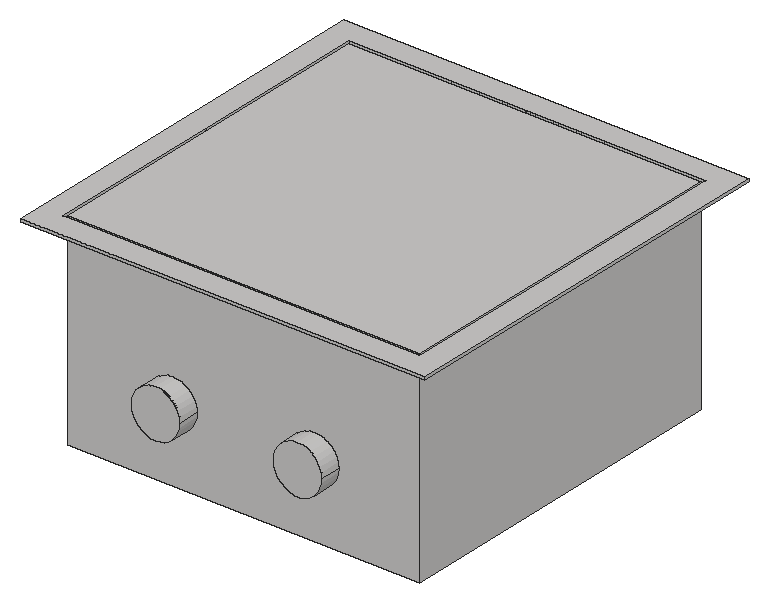
Revit family "Zurn_Z1464_Control-Box", category Plumbing Fixtures, host Face, Revit 2022
Family settings
  Host = Face
  Round Connector Dimension = Use Radius
  Part Type = Normal
  OmniClass Number = 23.65.70.00
  OmniClass Title = Terminals for Supplied Liquids and Gases
  Cut with Voids When Loaded = No
  Maintain Annotation Orientation = No
  Shared = No
  Room Calculation Point = No
Parameters (values of type "Z1464")
  WFU = 0  # constant formula
  Waste Connection = 1 = 0  # no
  Vent Connection = 1 = 0  # no
  URL = "www.zurn.com"
  Product data url = "https://www.bimobject.com/en-in/zurnindustries/product/zurn-z1464"
  Product Page URL = "https://www.zurn.com/products/drainage-interceptors/cleanouts/access-covers/z1464"
  Product Documentation Link = "https://files.zurn.com/spec-sheets/z1464.pdf"
  Modified Date = "01/30/2026"  # constant formula
  Model = "Z1464"
  Manufacturer Brand = "Zurn"  # constant formula
  Manufacturer = "Zurn Industries, LLC"  # constant formula
  Main Material = Steel - Zurn - Stainless - Type - 304
  HWFU = 1  # constant formula
  HW Connection = 1 = 1  # yes
  Female Connections Size = 1.000"
  Female Connections Length from back = 1.750"
  Description = "WATER SUPPLY CONTROL BOX ASSEMBY"  # constant formula
  Default Elevation = 20.000"  # constant formula
  Date Created = "01/30/2026"  # constant formula
  Control Box Opening Size (AxA) = 8.500"
  Control Box Depth = 4.875"
  Control Box Length = 9.625"
  Control Box Height = 8.375"
  Connector Radius = Female Connections Size / 2  # 0.500"
  CWFU = 1  # constant formula
  CW Connection = 1 = 1  # yes
  Assembly Code = "D2030400"
  Approx. Weigth (Lbs) = 17.00 lbf
Reference planes (in)
  plane 1 "Center (Front/Back)": y = 0
  plane 2: z = 0
  plane 3 "Center (Left/Right)": x = 0
  plane 4: y = 4.8125
  plane 5 "01": y = -4.8125
  plane 6: x = -4.8125
  plane 7: x = 4.8125
  plane 8: x = -4.1875
  plane 9: x = 4.1875
  plane 10: z = -4.875
  plane 11: z = -3.125
  plane 12: y = 4.1875
  plane 13: y = -4.1875
  plane 14 "02": y = -4.6875
  plane 15: y = 4.25
  plane 16: y = -4.25
  plane 17: x = -4.25
  plane 18: x = 4.25
  plane 19 "Plane for OL-2": x = -1.6875
  plane 20 "Plane for OL-1": x = 1.6875
  plane 21: z = -0.0625
  plane 22: x = -4.36307
  plane 23: x = 4.36328
Forms (in)
  Extrusion 1, void
    sketch origin (0, 0, 0) x (1, 0, 0) y (0, 1, 0)
      loop
        line (-4.8125, 4.8125) -> (-4.8125, -4.8125) -> (4.8125, -4.8125) -> (4.8125, 4.8125) -> (-4.8125, 4.8125)
    from -4.875 to 0
Lines and regions (in)
  Masking region 1, detail levels fine
    outline origin (0, 0, 0) x (1, 0, 0) y (0, 0, 1)
      loop
        line (4.8125, 0) -> (-4.8125, 0) -> (-4.8125, -0.0625) -> (-4.36307, -0.0625) -> (-4.36307, -0.3221) -> (-4.1875, -0.3221) -> (-4.1875, -4.875) -> (4.1875, -4.875) -> (4.1875, -0.3221) -> (4.36328, -0.3221) -> (4.36328, -0.0625) -> (4.8125, -0.0625) -> (4.8125, 0)
  model lines, detail levels coarse+medium
    curve 1: line (4.8125, 4.8125, 0) -> (-4.8125, 4.8125, 0)
    curve 2: line (4.8125, -4.8125, 0) -> (4.8125, 4.8125, 0)
    curve 3: line (4.8125, -4.8125, 0) -> (-4.8125, -4.8125, 0)
    curve 4: line (-4.8125, -4.8125, 0) -> (-4.8125, 4.8125, 0)
    curve 5: line (-4.25, 4.25, 0) -> (4.25, 4.25, 0)
    curve 6: line (-4.25, -4.25, 0) -> (-4.25, 4.25, 0)
    curve 7: line (4.25, -4.25, 0) -> (-4.25, -4.25, 0)
    curve 8: line (4.25, 4.25, 0) -> (4.25, -4.25, 0)
    curve 9: line (1.6875, 0, -3.125) -> (1.6875, -4.6875, -3.125)
    curve 10: line (-1.6875, -4.6875, -3.125) -> (-1.6875, 0, -3.125)
    curve 11: line (-2.18677, -4.6875, -3.125) -> (-1.18677, -4.6875, -3.125)
    curve 12: line (-1.6875, -4.6875, -2.625) -> (-1.6875, -4.6875, -3.625)
    curve 13: line (1.6875, -4.6875, -2.625) -> (1.6875, -4.6875, -3.625)
    curve 14: line (1.1875, -4.6875, -3.125) -> (2.18805, -4.6875, -3.125)
    curve 15: line (-4.8125, 0, 0) -> (-4.8125, 0, -0.0625)
    curve 16: line (-4.8125, 0, -0.0625) -> (-4.36307, 0, -0.0625)
    curve 17: line (-4.36307, 0, -0.0625) -> (-4.36307, 0, -0.3221)
    curve 18: line (-4.36307, 0, -0.3221) -> (-4.1875, 0, -0.3221)
    curve 19: line (-4.1875, 0, -0.3221) -> (-4.1875, 0, -4.875)
    curve 20: line (-4.1875, 0, -4.875) -> (4.1875, 0, -4.875)
    curve 21: line (4.1875, 0, -4.875) -> (4.1875, 0, -0.3221)
    curve 22: line (4.1875, 0, -0.3221) -> (4.36328, 0, -0.3221)
    curve 23: line (4.36328, 0, -0.3221) -> (4.36328, 0, -0.0625)
    curve 24: line (4.36328, 0, -0.0625) -> (4.8125, 0, -0.0625)
    curve 25: line (4.8125, 0, -0.0625) -> (4.8125, 0, 0)
    curve 26: line (-4.8125, 0, 0) -> (4.8125, 0, 0)
Dimensions and locks (in)
  equal spacing: plane 4, plane 1 "Center (Front/Back)", plane 5 "01"
  locked: plane 4 to plane 5 "01" at 9.625
  equal spacing: plane 6, plane 3 "Center (Left/Right)", plane 7
  plane 6 to plane 7 = 9.625"
  equal spacing: plane 9, plane 3 "Center (Left/Right)", plane 8
  "Control Box Height": plane 9 to plane 8
  "Female Connections Length from back": plane 11 to plane 10
  equal spacing: plane 12, plane 1 "Center (Front/Back)", plane 13
  "Control Box Height": plane 12 to plane 13
  locked: plane 13 to plane 14 "02" at 0.5
  level to plane 10 = 4.875"
  "Control Box Opening Size (AxA)": plane 15 to plane 16
  equal spacing: plane 15, plane 1 "Center (Front/Back)", plane 16
  equal spacing: plane 17, plane 3 "Center (Left/Right)", plane 18
  "Control Box Opening Size (AxA)": plane 17 to plane 18
  locked: plane 3 "Center (Left/Right)" to plane 19 "Plane for OL-2" at 1.6875
  locked: plane 20 "Plane for OL-1" to plane 3 "Center (Left/Right)" at 1.6875
  plane 21 to curve 18 = 0.2596"
  aligned and locked: plane 2 to host face
  aligned and locked: level to host face
  aligned and locked: level to nested 1
  aligned and locked: Extrusion 1 to plane 10
  aligned and locked: plane 3 "Center (Left/Right)" to nested 1
  aligned and locked: curve 1 to nested 1
  aligned and locked: curve 2 to nested 1
  aligned and locked: curve 3 to nested 1
  aligned and locked: curve 4 to nested 1
  aligned and locked: curve 5 to plane 15
  aligned and locked: plane 17 to curve 6
  aligned and locked: plane 16 to curve 7
  aligned and locked: curve 8 to plane 18
  aligned and locked: plane 14 "02" to curve 9
  aligned and locked: curve 9 to plane 11
  aligned and locked: plane 14 "02" to curve 10
  aligned and locked: nested 1 to curve 10
  aligned and locked: nested 1 to curve 11
  aligned and locked: nested 1 to curve 12  (x2)
  aligned and locked: curve 12 to plane 19 "Plane for OL-2"
  aligned and locked: nested 1 to curve 13  (x2)
  aligned and locked: curve 13 to nested 1
  aligned and locked: nested 1 to curve 14
  aligned and locked: curve 14 to plane 11
  aligned and locked: level to curve 15
  aligned and locked: curve 15 to plane 6
  aligned and locked: plane 21 to nested 1
  aligned and locked: plane 21 to curve 16
  aligned and locked: plane 22 to curve 17
  aligned and locked: curve 19 to nested 1
  aligned and locked: curve 20 to plane 10
  aligned and locked: curve 21 to nested 1
  aligned and locked: nested 1 to curve 22
  aligned and locked: curve 23 to plane 23
  aligned and locked: level to curve 25
  aligned and locked: curve 25 to plane 7
  aligned and locked: plane 6 to curve 26
  aligned and locked: plane 7 to curve 26
  aligned and locked: plane 1 "Center (Front/Back)" to curve 26
  aligned and locked: plane 1 "Center (Front/Back)" to curve 9
  aligned and locked: plane 1 "Center (Front/Back)" to curve 10
  aligned and locked: Masking region 1 sketch curve to nested 1  (x3)
  aligned and locked: Masking region 1 sketch curve to plane 6
  aligned and locked: Masking region 1 sketch curve to curve 16
  aligned and locked: Masking region 1 sketch curve to plane 22
  aligned and locked: Masking region 1 sketch curve to curve 18
  aligned and locked: Masking region 1 sketch curve to curve 20
  aligned and locked: Masking region 1 sketch curve to curve 23
  aligned and locked: nested 1 to Masking region 1 sketch curve
  aligned and locked: plane 21 to Masking region 1 sketch curve  (x2)
  aligned and locked: plane 7 to Masking region 1 sketch curve
  aligned and locked: Masking region 1 to curve 19
Automatic sketch dimensions
  host sketch curve to host sketch curve = 14.21519"
  host sketch curve to host sketch curve = 21.15999"
  plane 5 "01" to Extrusion 1 sketch curve = 0.000"
  Extrusion 1 sketch curve to plane 4 = 0.000"
  Extrusion 1 sketch curve to plane 3 "Center (Left/Right)" = 4.8125"
  plane 3 "Center (Left/Right)" to Extrusion 1 sketch curve = 4.8125"
  plane 19 "Plane for OL-2" to curve 11 = 0.50073"
  curve 11 to plane 19 "Plane for OL-2" = 0.49927"
  plane 20 "Plane for OL-1" to curve 14 = 0.50055"
  curve 14 to plane 20 "Plane for OL-1" = 0.500"
  curve 24 to plane 21 = 0.000"
Nested families (in)
  nested 1: "Family4" at (0, 0, -4.875), type "Family4", detail levels fine
Connectors (in)
  piping at (-1.6875, -4.6875, -3.125), diameter 1, driven by "Connector Radius", driven by "HW Connection"
    settings: on nested 1, index 1, connector inside diameter 609.6 mm, connector length 0.000", flow factor 0, pipe flow 0.0 L/s, pressure drop 0.0 Pa, fitting loss kfactor 0, connector angle 0.00°, fixture units 0, engagement length 0.000", angle of deflection 0.00°, flow configuration 0, flow direction 2, fitting loss method 0, system type 19, joint type 0, gender type 0, connector reference index -1, connector utility 1, adjustable connector no, is connector primary yes, connector description "Outlet 2"
  piping at (1.6875, -4.6875, -3.125), diameter 1, driven by "Connector Radius", driven by "CW Connection"
    settings: on nested 1, index 2, connector inside diameter 609.6 mm, connector length 0.000", flow factor 0, pipe flow 0.0 L/s, pressure drop 0.0 Pa, fitting loss kfactor 0, connector angle 0.00°, fixture units 0, engagement length 0.000", angle of deflection 0.00°, flow configuration 0, flow direction 2, fitting loss method 0, system type 20, joint type 0, gender type 0, connector reference index -1, connector utility 1, adjustable connector no, is connector primary no, connector description "Outlet 1"
Definition of nested family "Family4"
  Parameters (values of type "Family4")
    X = 9.625"
    Default Elevation = 0.000"
    C = 8.375"
    Box = none
  Reference planes (in)
    plane 1 "Center (Front/Back)": y = 0
    plane 2: z = 0
    plane 3 "Center (Left/Right)": x = 0
    plane 4: z = 4.875
    plane 5: y = -4.1875
    plane 6: y = 4.1875
    plane 7: y = -4.8125
    plane 8: y = 4.8125
    plane 9: x = -4.8125
    plane 10: x = -4.1875
    plane 11: x = 4.1875
    plane 12: x = 4.8125
    plane 13: z = 1.75
    plane 14: x = 1.6875
    plane 15: y = -4.6875
  Forms (in)
    Extrusion 1, solid, material <- "Box", detail levels fine
      sketch origin (0, 0, 0) x (1, 0, 0) y (0, 1, 0)
        loop
          line (-4.8125, 4.8125) -> (-4.8125, -4.8125) -> (4.8125, -4.8125) -> (4.8125, 4.8125) -> (-4.8125, 4.8125)
      from 4.8125 to 4.875
    Extrusion 2, solid, material <- "Box", detail levels medium+fine
      sketch origin (0, 0, 0) x (1, 0, 0) y (0, 1, 0)
        loop
          line (-4.1875, 4.1875) -> (-4.1875, -4.1875) -> (4.1875, -4.1875) -> (4.1875, 4.1875) -> (-4.1875, 4.1875)
      from 0 to 4.8125
    Extrusion 3, solid, material <- "Box", detail levels fine
      sketch origin (0, 0, 0) x (1, 0, 0) y (0, 1, 0)
        loop
          line (-4.1875, 4.1875) -> (-4.1875, -4.1875) -> (4.1875, -4.1875) -> (4.1875, 4.1875) -> (-4.1875, 4.1875)
        loop
          line (-4.36328, 4.36328) -> (-4.36328, -4.36328) -> (4.36328, -4.36328) -> (4.36328, 4.36328) -> (-4.36328, 4.36328)
      from 4.5529 to 4.8125
    Extrusion 4, void, detail levels fine
      sketch origin (0, 0, 0) x (1, 0, 0) y (0, 1, 0)
        loop
          line (-4.1875, 4.1875) -> (-4.1875, -4.1875) -> (4.1875, -4.1875) -> (4.1875, 4.1875) -> (-4.1875, 4.1875)
        loop
          line (0, 4.25) -> (-4.25, 4.25) -> (-4.25, 0) -> (-4.25, -4.25) -> (0, -4.25) -> (4.25, -4.25) -> (4.25, 0) -> (4.25, 4.25) -> (0, 4.25)
      from 4.66256 to 6.16909
    Extrusion 5, solid, material <- "Box", detail levels medium+fine
      sketch origin (0, 0, 0) x (1, 0, 0) y (0, 0, 1)
        loop
          line (1.39882, 2.25) -> (1.11015, 1.75) -> (1.39882, 1.25) -> (1.97618, 1.25) -> (2.26485, 1.75) -> (1.97618, 2.25) -> (1.39882, 2.25)
        loop
          line (-1.39882, 2.25) -> (-1.97618, 2.25) -> (-2.26485, 1.75) -> (-1.97618, 1.25) -> (-1.39882, 1.25) -> (-1.11015, 1.75) -> (-1.39882, 2.25)
      from 0 to 4.6875
    Extrusion 6, solid, material <- "Box", detail levels medium
      sketch origin (0, 0, 0) x (1, 0, 0) y (0, 1, 0)
        loop
          line (-4.8125, 4.8125) -> (-4.8125, -4.8125) -> (4.8125, -4.8125) -> (4.8125, 4.8125) -> (-4.8125, 4.8125)
      from 4.5529 to 4.875
    Extrusion 7, solid, material <- "Box", detail levels medium+fine
      sketch origin (0, 0, 0) x (1, 0, 0) y (0, 0, 1)
        loop
          circle (1.6875, 1.75) r 0.57735
        loop
          circle (-1.6875, 1.75) r 0.57735
      from 0 to 4.6875
  Cuts and joins
    Extrusion 4 cuts Extrusion 1
    joined: Extrusion 1, Extrusion 3
    joined: Extrusion 2, Extrusion 5, Extrusion 7
  Lines and regions (in)
    Masking region 1
      outline origin (0, 0, 0) x (1, 0, 0) y (0, 1, 0)
        loop
          line (-4.8125, 4.8125) -> (-4.8125, -4.8125) -> (4.8125, -4.8125) -> (4.8125, 4.8125) -> (-4.8125, 4.8125)
    Masking region 2, detail levels coarse
      outline origin (0, 0, 0) x (1, 0, 0) y (0, 0, 1)
        loop
          line (-4.8125, 4.875) -> (-4.8125, 0) -> (4.8125, 0) -> (4.8125, 4.875) -> (-4.8125, 4.875)
    Masking region 3, detail levels medium
      outline origin (0, 0, 0) x (1, 0, 0) y (0, 0, 1)
        loop
          line (0, 4.875) -> (-4.8125, 4.875) -> (-4.8125, 4.5529) -> (-4.1875, 4.5529) -> (-4.1875, 0) -> (4.1875, 0) -> (4.1875, 4.5529) -> (4.8125, 4.5529) -> (4.8125, 4.875) -> (0, 4.875)
    Masking region 4, detail levels fine
      outline origin (0, 0, 0) x (1, 0, 0) y (0, 0, 1)
        loop
          line (0, 4.875) -> (-4.8125, 4.875) -> (-4.8125, 4.8125) -> (-4.36328, 4.8125) -> (-4.36328, 4.5529) -> (-4.1875, 4.5529) -> (-4.1875, 0) -> (4.1875, 0) -> (4.1875, 4.5529) -> (4.36328, 4.5529) -> (4.36328, 4.8125) -> (4.8125, 4.8125) -> (4.8125, 4.875) -> (0, 4.875)
    Masking region 5, detail levels coarse
      outline origin (0, 0, 0) x (0, 1, 0) y (0, 0, 1)
        loop
          line (-4.8125, 4.875) -> (-4.8125, 0) -> (4.8125, 0) -> (4.8125, 4.875) -> (-4.8125, 4.875)
    Masking region 6, detail levels medium
      outline origin (0, 0, 0) x (0, 1, 0) y (0, 0, 1)
        loop
          line (0, 4.875) -> (-4.8125, 4.875) -> (-4.8125, 4.5529) -> (-4.1875, 4.5529) -> (-4.1875, 2.32735) -> (-4.6875, 2.32735) -> (-4.6875, 1.17265) -> (-4.1875, 1.17265) -> (-4.1875, 0) -> (4.1875, 0) -> (4.1875, 4.5529) -> (4.8125, 4.5529) -> (4.8125, 4.875) -> (0, 4.875)
    Masking region 7, detail levels fine
      outline origin (0, 0, 0) x (0, 1, 0) y (0, 0, 1)
        loop
          line (0, 4.875) -> (-4.8125, 4.875) -> (-4.8125, 4.8125) -> (-4.36328, 4.8125) -> (-4.36328, 4.5529) -> (-4.1875, 4.5529) -> (-4.1875, 2.32735) -> (-4.6875, 2.32735) -> (-4.6875, 1.17265) -> (-4.1875, 1.17265) -> (-4.1875, 0) -> (4.1875, 0) -> (4.1875, 4.5529) -> (4.36328, 4.5529) -> (4.36328, 4.8125) -> (4.8125, 4.8125) -> (4.8125, 4.875) -> (0, 4.875)
    symbolic lines, detail levels fine
      curve 1: line (0, 4.25, 0) -> (-4.25, 4.25, 0)
      curve 2: line (-4.25, 4.25, 0) -> (-4.25, 0, 0)
      curve 3: line (-4.25, 0, 0) -> (-4.25, -4.25, 0)
      curve 4: line (-4.25, -4.25, 0) -> (0, -4.25, 0)
      curve 5: line (0, -4.25, 0) -> (4.25, -4.25, 0)
      curve 6: line (4.25, -4.25, 0) -> (4.25, 0, 0)
      curve 7: line (4.25, 0, 0) -> (4.25, 4.25, 0)
      curve 8: line (4.25, 4.25, 0) -> (0, 4.25, 0)
      curve 9: line (-4.1875, 4.1875, 0) -> (4.1875, 4.1875, 0)
      curve 10: line (-4.1875, -4.1875, 0) -> (-4.1875, 4.1875, 0)
      curve 11: line (4.1875, 4.1875, 0) -> (4.1875, -4.1875, 0)
      curve 12: line (4.1875, -4.1875, 0) -> (-4.1875, -4.1875, 0)
      curve 18: line (-4.58789, 0, 4.8125) -> (4.58789, 0, 4.8125)
      curve 19: line (-4.36328, 0, 4.5529) -> (4.36328, 0, 4.5529)
      curve 20: line (-1.97618, 0, 2.25) -> (-1.39882, 0, 2.25)
      curve 21: line (-1.39882, 0, 2.25) -> (-1.11015, 0, 1.75)
      curve 22: line (-1.11015, 0, 1.75) -> (-1.39882, 0, 1.25)
      curve 23: line (-1.39882, 0, 1.25) -> (-1.97618, 0, 1.25)
      curve 24: line (-1.97618, 0, 1.25) -> (-2.26485, 0, 1.75)
      curve 25: line (-2.26485, 0, 1.75) -> (-1.97618, 0, 2.25)
      curve 26: line (1.39882, 0, 2.25) -> (1.97618, 0, 2.25)
      curve 27: line (1.97618, 0, 2.25) -> (2.26485, 0, 1.75)
      curve 28: line (2.26485, 0, 1.75) -> (1.97618, 0, 1.25)
      curve 29: line (1.97618, 0, 1.25) -> (1.39882, 0, 1.25)
      curve 30: line (1.39882, 0, 1.25) -> (1.11015, 0, 1.75)
      curve 31: line (1.11015, 0, 1.75) -> (1.39882, 0, 2.25)
      curve 34: line (0, -4.36328, 4.8125) -> (0, 4.36328, 4.8125)
      curve 35: line (0, -4.36328, 4.5529) -> (0, 4.36328, 4.5529)
      curve 36: line (0, -4.1875, 2.32735) -> (0, -4.1875, 1.17265)
      curve 37: line (0, -4.6875, 1.75) -> (0, -4.1875, 1.75)
    symbolic lines, detail levels medium
      curve 13: arc (-1.11015, 0, 1.75) -> (-1.6875, 0, 2.32735) -> (-2.26485, 0, 1.75) r 0.57735
      curve 14: arc (-2.26485, 0, 1.75) -> (-1.6875, 0, 1.17265) -> (-1.11015, 0, 1.75) r 0.57735
      curve 15: arc (2.26485, 0, 1.75) -> (1.6875, 0, 2.32735) -> (1.11015, 0, 1.75) r 0.57735
      curve 16: arc (1.11015, 0, 1.75) -> (1.6875, 0, 1.17265) -> (2.26485, 0, 1.75) r 0.57735
      curve 17: line (-4.36328, 0, 4.5529) -> (4.36328, 0, 4.5529)
      curve 32: line (0, -4.1875, 2.32735) -> (0, -4.1875, 1.17265)
      curve 33: line (0, -4.36328, 4.5529) -> (0, 4.36328, 4.5529)
  Dimensions and locks (in)
    locked: plane 4 to plane 2 at 4.875
    equal spacing: plane 5, plane 1 "Center (Front/Back)", plane 6
    "C": plane 5 to plane 6
    equal spacing: plane 7, plane 1 "Center (Front/Back)", plane 8
    "X": plane 7 to plane 8
    equal spacing: plane 10, plane 3 "Center (Left/Right)", plane 11
    equal spacing: plane 9, plane 3 "Center (Left/Right)", plane 12
    "C": plane 10 to plane 11
    "X": plane 9 to plane 12
    plane 1 "Center (Front/Back)" to Extrusion 4 sketch curve = 4.250"
    locked: Extrusion 4 sketch curve to plane 3 "Center (Left/Right)" at 4.25
    locked: plane 13 to plane 2 at 1.75
    locked: plane 12 to plane 14 at 3.125
    plane 15 to plane 5 = 0.500"
    aligned and locked: level to plane 2
    aligned and locked: Extrusion 5 to plane 15
  Automatic sketch dimensions
    Extrusion 1 sketch curve to plane 7 = 0.000"
    Extrusion 1 sketch curve to plane 9 = 0.000"
    Extrusion 1 sketch curve to plane 12 = 0.000"
    Extrusion 1 sketch curve to plane 8 = 0.000"
    Extrusion 2 sketch curve to plane 5 = 0.000"
    Extrusion 2 sketch curve to plane 10 = 0.000"
    Extrusion 2 sketch curve to plane 11 = 0.000"
    Extrusion 2 sketch curve to plane 6 = 0.000"
    Extrusion 3 sketch curve to plane 5 = 0.000"
    Extrusion 3 sketch curve to plane 10 = 0.000"
    Extrusion 3 sketch curve to plane 11 = 0.000"
    Extrusion 3 sketch curve to plane 6 = 0.000"
    plane 11 to Extrusion 3 sketch curve = 0.17578"
    plane 6 to Extrusion 3 sketch curve = 0.17578"
    Extrusion 3 sketch curve to plane 5 = 0.17578"
    Extrusion 3 sketch curve to plane 10 = 0.17578"
    Extrusion 4 sketch curve to plane 6 = 0.000"
    Extrusion 4 sketch curve to plane 10 = 0.000"
    Extrusion 4 sketch curve to plane 3 "Center (Left/Right)" = 0.000"  (x2)
    Extrusion 4 sketch curve to plane 5 = 0.000"
    Extrusion 4 sketch curve to plane 11 = 0.000"
    plane 1 "Center (Front/Back)" to Extrusion 4 sketch curve = 0.000"  (x2)
    plane 11 to Extrusion 4 sketch curve = 0.0625"
    Extrusion 4 sketch curve to plane 5 = 0.0625"
    Extrusion 5 sketch curve to plane 13 = 0.000"  (x4)
    plane 10 to Extrusion 5 sketch curve = 1.92265"
    Extrusion 5 sketch curve to plane 13 = 0.500"  (x2)
    Extrusion 5 sketch curve to Extrusion 5 sketch curve = 0.28868"  (x4)
    plane 13 to Extrusion 5 sketch curve = 0.500"  (x2)
    Extrusion 5 sketch curve to Extrusion 5 sketch curve = 0.57735"  (x2)
    Extrusion 5 sketch curve to plane 14 = 0.57735"
    Extrusion 5 sketch curve to plane 14 = 0.28868"  (x2)
    plane 14 to Extrusion 5 sketch curve = 0.28868"  (x2)
    Extrusion 6 sketch curve to plane 7 = 0.000"
    Extrusion 6 sketch curve to plane 9 = 0.000"
    Extrusion 6 sketch curve to plane 12 = 0.000"
    Extrusion 6 sketch curve to plane 8 = 0.000"
    Extrusion 7 sketch curve to plane 13 = 0.000"  (x2)
    Extrusion 7 sketch curve to plane 14 = 0.000"
    Extrusion 7 sketch curve to plane 3 "Center (Left/Right)" = 1.6875"
    Masking region 1 sketch curve to plane 7 = 0.000"
    Masking region 1 sketch curve to plane 9 = 0.000"
    Masking region 1 sketch curve to plane 12 = 0.000"
    Masking region 1 sketch curve to plane 8 = 0.000"
    plane 1 "Center (Front/Back)" to curve 2 = 0.000"
    curve 1 to plane 3 "Center (Left/Right)" = 0.000"
    curve 2 to plane 10 = 0.0625"
    curve 3 to plane 5 = 0.0625"
    curve 4 to plane 3 "Center (Left/Right)" = 0.000"
    plane 11 to curve 5 = 0.0625"
    plane 1 "Center (Front/Back)" to curve 6 = 0.000"
    plane 6 to curve 7 = 0.0625"
    curve 10 to plane 6 = 0.000"
    curve 10 to plane 10 = 0.000"
    curve 9 to plane 11 = 0.000"
    curve 10 to plane 5 = 0.000"
    Masking region 2 sketch curve to level = 0.000"
    Masking region 2 sketch curve to plane 9 = 0.000"
    Masking region 2 sketch curve to plane 12 = 0.000"
    Masking region 2 sketch curve to plane 4 = 0.000"
    Masking region 3 sketch curve to plane 9 = 0.000"
    Masking region 3 sketch curve to level = 0.000"
    Masking region 3 sketch curve to plane 10 = 0.000"
    Masking region 3 sketch curve to plane 3 "Center (Left/Right)" = 0.000"
    Masking region 3 sketch curve to plane 11 = 0.000"
    Masking region 3 sketch curve to plane 4 = 0.000"
    Masking region 3 sketch curve to plane 12 = 0.000"
    Masking region 3 sketch curve to plane 4 = 0.3221"
    Masking region 3 sketch curve to Masking region 3 sketch curve = 0.3221"
    Masking region 4 sketch curve to plane 9 = 0.000"
    Masking region 4 sketch curve to level = 0.000"
    Masking region 4 sketch curve to plane 10 = 0.000"
    Masking region 4 sketch curve to plane 3 "Center (Left/Right)" = 0.000"
    Masking region 4 sketch curve to plane 11 = 0.000"
    Masking region 4 sketch curve to plane 12 = 0.000"
    Masking region 4 sketch curve to plane 4 = 0.000"
    Masking region 4 sketch curve to plane 4 = 0.0625"  (x2)
    Masking region 4 sketch curve to plane 10 = 0.17578"
    plane 11 to Masking region 4 sketch curve = 0.17578"
    Masking region 4 sketch curve to Masking region 4 sketch curve = 0.2596"  (x2)
    curve 14 to plane 13 = 0.000"
    curve 31 to plane 13 = 0.000"
    curve 16 to plane 14 = 0.000"
    curve 29 to plane 14 = 0.28868"
    curve 30 to plane 14 = 0.57735"
    curve 22 to plane 3 "Center (Left/Right)" = 1.11015"
    plane 13 to curve 22 = 0.500"
    curve 22 to curve 13 = 0.28868"
    curve 20 to plane 13 = 0.500"
    curve 17 to plane 10 = 0.17578"
    plane 14 to curve 26 = 0.28868"
    plane 11 to curve 19 = 0.17578"
    curve 19 to plane 4 = 0.3221"
    curve 18 to plane 4 = 0.0625"
    plane 9 to curve 18 = 0.22461"
    curve 18 to plane 12 = 0.22461"
    Masking region 5 sketch curve to level = 0.000"
    Masking region 5 sketch curve to plane 7 = 0.000"
    Masking region 5 sketch curve to plane 8 = 0.000"
    Masking region 5 sketch curve to plane 4 = 0.000"
    Masking region 6 sketch curve to plane 4 = 0.000"
    Masking region 6 sketch curve to plane 7 = 0.000"
    Masking region 6 sketch curve to plane 15 = 0.000"
    Masking region 6 sketch curve to plane 5 = 0.000"  (x2)
    Masking region 6 sketch curve to plane 1 "Center (Front/Back)" = 0.000"
    Masking region 6 sketch curve to level = 0.000"
    Masking region 6 sketch curve to plane 6 = 0.000"
    Masking region 6 sketch curve to plane 8 = 0.000"
    plane 13 to Masking region 6 sketch curve = 0.57735"
    Masking region 6 sketch curve to plane 13 = 0.57735"
    Masking region 6 sketch curve to plane 4 = 0.3221"  (x2)
    Masking region 7 sketch curve to plane 7 = 0.000"
    Masking region 7 sketch curve to plane 15 = 0.000"
    Masking region 7 sketch curve to plane 5 = 0.000"  (x2)
    Masking region 7 sketch curve to level = 0.000"
    Masking region 7 sketch curve to plane 1 "Center (Front/Back)" = 0.000"
    Masking region 7 sketch curve to plane 6 = 0.000"
    Masking region 7 sketch curve to plane 4 = 0.000"
    Masking region 7 sketch curve to plane 8 = 0.000"
    Masking region 7 sketch curve to plane 5 = 0.17578"
    Masking region 7 sketch curve to Masking region 7 sketch curve = 0.17578"
    plane 13 to Masking region 7 sketch curve = 0.57735"
    Masking region 7 sketch curve to plane 13 = 0.57735"
    Masking region 7 sketch curve to plane 4 = 0.3221"  (x2)
    Masking region 7 sketch curve to plane 4 = 0.0625"
    Masking region 7 sketch curve to Masking region 7 sketch curve = 0.0625"
    plane 13 to curve 37 = 0.000"
    curve 37 to plane 15 = 0.000"
    curve 32 to plane 5 = 0.000"
    curve 36 to plane 5 = 0.000"
    curve 33 to plane 5 = 0.17578"
    plane 6 to curve 33 = 0.17578"
    curve 35 to plane 4 = 0.3221"
    curve 34 to plane 4 = 0.0625"
    curve 34 to plane 5 = 0.17578"
    plane 6 to curve 34 = 0.17578"
    plane 13 to curve 36 = 0.57735"
    curve 32 to curve 36 = 0.000"  (x2)
    curve 37 to curve 36 = 0.57735"
    radius of Extrusion 7 sketch curve = 0.57735"  (x2)
